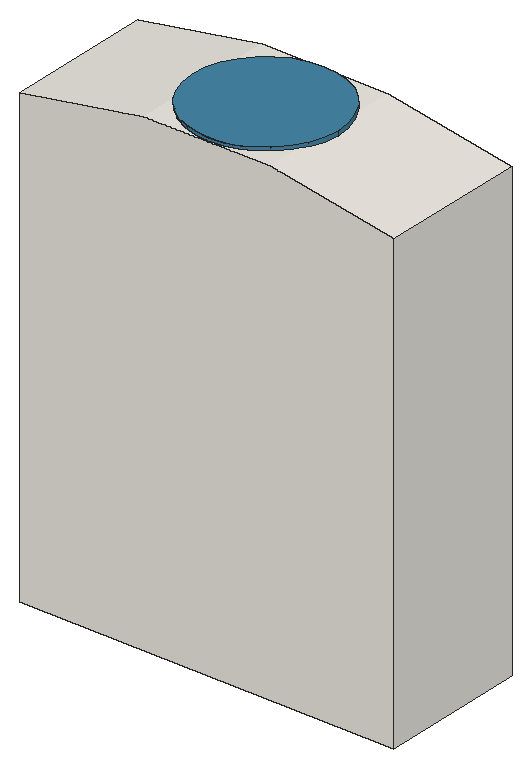
Revit family "Oberteil C20", category Generic Models, Revit 2015
Parameters (values of type "C20-0-255")
  Width = 45 mm
  URL = "http://www.obo-bettermann.com"
  Material 2 = PA 66/6 FR HF RAL 5017
  Material = PA 66/6 FR HF RAL 9010
  Manufacturer Art.No. = "5095600"
  Manufacturer = "OBO Bettermann"
  Length = 17.8 mm
  Height = 58 mm
  GTIN = "4012196329694"
  Article Type = "C20-0-255"
Reference planes
  plane 1 "Center (Front/Back)": y = 0
  plane 2: z = 0
  plane 3 "Center (Left/Right)": x = 0
  plane 4: y = 17.8
  plane 5: z = 58
  plane 6: z = 57
Forms (mm)
  Extrusion 1, solid, material "PA 66/6 FR HF RAL 9010" <- "Material"
    sketch origin (0, 0, 0) x (1, 0, 0) y (0, 0, 1)
      loop
        line (-22.5, 0) -> (22.5, 0) -> (22.5, 55)
        arc (22.5, 55) -> (0, 58.012) -> (-22.5, 55) r 85.541
        line (-22.5, 55) -> (-22.5, 0)
    from -17.8 to 0
  Extrusion 2, solid, material "PA 66/6 FR HF RAL 5017" <- "Material 2"
    sketch origin (0, 0, 0) x (1, 0, 0) y (0, 1, 0)
      loop
        circle (0, 8.9) r 8.75
    from 57 to 58
Dimensions and locks
  "Length": plane 1 "Center (Front/Back)" to plane 4
  locked: Extrusion 1 to Extrusion 2 sketch curve at 8.9
  "Height": plane 5 to level
  locked: plane 5 to plane 6 at 1
  locked: Extrusion 1 sketch curve to Extrusion 1 sketch curve at 55  (x2)
  "Width": Extrusion 1 sketch curve to Extrusion 1 sketch curve
  equal spacing: Extrusion 1 sketch curve, plane 3 "Center (Left/Right)", Extrusion 1 sketch curve, locked at 22.5 each
  radius of Extrusion 2 sketch curve = 8.75 mm
  aligned and locked: level to plane 2
  aligned and locked: plane 1 "Center (Front/Back)" to Extrusion 1
  aligned and locked: plane 5 to Extrusion 2
  aligned and locked: Extrusion 2 to plane 6
  aligned and locked: Extrusion 1 sketch curve to level
Automatic sketch dimensions
  Extrusion 2 sketch curve to plane 3 "Center (Left/Right)" = 0 mm
  Extrusion 1 sketch curve to level = 27.529 mm
